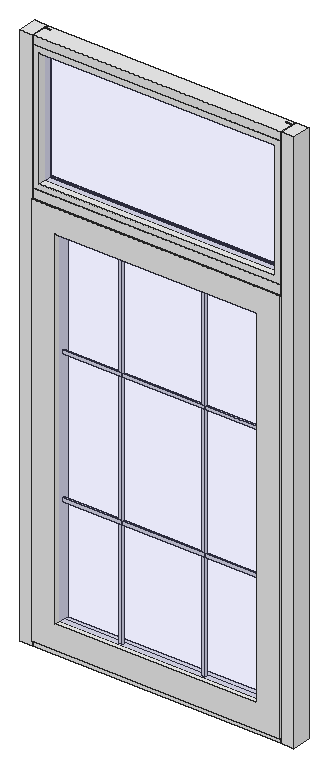
Revit family "Door_Curtain_Wall-Outswing_With_Transom-Traco-NX-8910-One_Panel", category Curtain Panels, Revit 2015
Parameters (values of type "NX-8910 - One_Panel-Transom")
  Water Resistance = 15.0000 psf
  Uniform Load Structural = 75.0000 psf
  Uniform Load Deflection = 50.0000 psf
  Transom Panel Height [instance] = Transom Height - 0' 1 1/4"  # 1' - 10 3/4"
  Transom Height [instance] = 2' - 0"
  Sill Type = Door_Frame-Outswing-Traco-(NX-8910)-Single_Panel-Transom : Optional Sill
  Product data url = "https://bimobject.com/kawneerna/product/89101"
  Product Page URL = "http://www.alcoa.com/traco/en/product.asp?cat_id=1912&prod_id=4259"
  Product Documentation Link = "http://www.alcoa.com/traco/en/cad_spec.asp?cat_id=1912&prod_id=4259&area=prod"
  Panel Width [instance] = Door Width - 0' 4 1/2"  # 3' - 7 1/2"
  Panel Material [instance] = Aluminum - Traco - Anodized - Gray
  Panel Height [instance] = Door Height - 0' 2 1/2"  # 5' - 9 1/2"
  Muntin Type = Muntin-Grid-Traco-Lites : Interior
  Glass Material [instance] = Glass - Traco - Clear
  Frame Material [instance] = Aluminum - Traco - Anodized - Gray
  Door Width [instance] = if(CTRL Opening Width < Door Width Minimum, Door Width Minimum, if(CTRL Opening Width > Door Width Maximum, Door Width Maximum, CTRL Opening Width))  # 4' - 0"
  Door Height [instance] = Overall Height - Transom Height  # 6' - 0"
  Door Base = 0' - 0 7/8"
  Copyright © = "2011 Traco"  # constant formula
  CTRL Opening Width [instance] = 5' - 10"
  URL = "http://www.alcoa.com/traco/en/home.asp"
  U Factor = "0.40*"
  Type Comments = "1 Panel With Transom"
  Test Size = "48\" X 96\""
  Overall Height [instance] = if(CTRl Opening Height < Door Height Minimum, Door Height Minimum, if(CTRl Opening Height > Door Height Maximum, Door Height Maximum, CTRl Opening Height))  # 8' - 0"
  Muntin [instance] = yes
  Model = "NX-8910"
  Manufacturer = "Traco"  # constant formula
  CTRl Opening Height [instance] = 8' - 0"
  Forced Entry Resistance = ""
  Door Width Minimum [instance] = 3' - 0"
  Door Width Maximum [instance] = 4' - 0"
  Door Swing Angle [instance] = 90.00°
  Door Height Minimum [instance] = 6' - 0"
  Door Height Maximum [instance] = 10' - 0"
  Designation = "AAMA/WDMA/CSA 101/I.S.2/A-440-05: HS-C50 And AAMA/WDMA/CSA 101/I.S.2/A-440-08:AW-PG50-ATD"
  Description = ""
  Condensation Resistance = "48"
  Assembly Code = "B2020220"
  Allowable Air Infiltration Maximum = "0.1 @ 6.2 PSF"
Reference planes (in)
  plane 1 "Front": y = 0
  plane 2: z = 0
  plane 3 "Center (Left/Right)": x = 0
  plane 4 "Left": x = -35
  plane 5 "Right": x = 35
  plane 6 "Top": z = 96
  plane 7 "Door Base": z = 0.875
  plane 8: y = 1.25
  plane 9 "Stop Front": y = 2.5
  plane 10 "Back": y = 3.25
  plane 11 "Door Left": x = -24
  plane 12 "Jamb Left": x = -21.75
  plane 13 "Jamb Right": x = 21.75
  plane 14 "Door Right": x = 24
Text (in)
  text "Exterior" at (-54.29358, -16.61257, 0), in view "Ref. Level"
  text "Exterior" at (480, 41.53993, 89.60405), in view "Right"
  text "Exterior" at (-240, 57.82419, 105.78864), in view "Left"
Dimensions and locks (in)
  equal spacing: plane 4 "Left", plane 3 "Center (Left/Right)", plane 5 "Right"
  "Door Base": plane 2 to plane 7 "Door Base"
  locked: nested 2 to nested 3 at 0.125
  "CTRL Opening Width": plane 4 "Left" to plane 5 "Right"
  "CTRl Opening Height": plane 6 "Top" to plane 2
  "Overall Height": nested 2 to plane 2
  locked: plane 1 "Front" to plane 9 "Stop Front" at 2.5
  locked: plane 1 "Front" to plane 10 "Back" at 3.25
  locked: plane 11 "Door Left" to plane 12 "Jamb Left" at 2.25
  locked: plane 13 "Jamb Right" to plane 14 "Door Right" at 2.25
  locked: plane 1 "Front" to plane 8 at 1.25
  equal spacing: plane 11 "Door Left", plane 3 "Center (Left/Right)", plane 14 "Door Right"
  aligned and locked: level to plane 2
  aligned: nested 2 to nested 1
  aligned: nested 1 to nested 2
  aligned and locked: nested 1 to plane 7 "Door Base"
  aligned: nested 3 to nested 2
  aligned and locked: nested 4 to nested 5
  aligned and locked: plane 7 "Door Base" to nested 4
  aligned and locked: nested 4 to nested 7
  aligned and locked: plane 1 "Front" to nested 2
  aligned: nested 1 to plane 12 "Jamb Left"  (x4)
  aligned and locked: plane 9 "Stop Front" to nested 1
  aligned and locked: nested 3 to plane 9 "Stop Front"
  aligned: nested 3 to plane 12 "Jamb Left"  (x3)
  aligned: plane 3 "Center (Left/Right)" to nested 3
  aligned: nested 3 to plane 13 "Jamb Right"
  aligned: nested 1 to plane 13 "Jamb Right"
  aligned and locked: plane 3 "Center (Left/Right)" to nested 3
  aligned and locked: plane 3 "Center (Left/Right)" to nested 1
Nested families (in)
  nested 1: "Door-Glass_Panel-Traco-(TR-8910)" at (14.25, 2.5, 0.875) x (-1, 0, 0) z (0, 0, 1), Width <- "Panel Width", Height <- "Panel Height", Panel Material <- "Panel Material", Glass Material <- "Glass Material", Angle <- "Door Swing Angle", type "S"
    with built-in parameter 1001301 3' - 7 1/2", built-in parameter 1001302 0' - 2 3/4", Panel Offset 0' - 0", Panel Material Aluminum - Traco - Anodized - Gray, Panel Finish none, Hidden Swing Angle 90.00°, built-in parameter 1001300 5' - 9 1/2", Glazing Thickness 0' - 1", Glazing "Low E-Argon", Glass Material Glass - Traco - Clear, Elevation Swing yes, Angle 90.00°
  nested 2: "Door_Frame-Outswing-Traco-(NX-8910)-Single_Panel-Transom" at (0, 1.625, 0), type <- "Sill Type", type "Optional Sill"
    with Standard Sill no, Optional Sill yes
  nested 3: "Door-Glass_Panel-Traco-(TR-8910)-Transom" at (0, 2.5, 71.875), Width <- "Panel Width", Height <- "Transom Panel Height", Panel Material <- "Panel Material", Glass Material <- "Glass Material", type "T"
    with built-in parameter 1001301 3' - 7 1/2", built-in parameter 1001302 0' - 2 1/2", Panel Offset 0' - 0", Panel Material Aluminum - Traco - Anodized - Gray, Panel Finish none, built-in parameter 1001300 1' - 10 3/4", Glazing "Low E-Argon", Glass Material Glass - Traco - Clear
  nested 4: "Muntin-Grid-Traco-Lites" at (0, 1.25, 35.625) x (-1, 0, 0) z (0, -1, 0), type <- "Muntin Type", Sash Height <- "Panel Height", Length <- "Panel Width", visible <- "Muntin", type "Interior"
    with Sash Height 5' - 9 1/2", Material Aluminum - Traco - Anodized - Gray, Length 3' - 7 1/2", Glazing Thickness 0' - 0 7/8", CTRL Muntin Vertical Distance 1' - 11.16667", CTRL Muntin Horizontal Distance 1' - 2 1/2", CTRL Face Offset 0' - 0 1/4", CTRL Bar Vertical Visibility no, CTRL Bar Horizontal Visibility no, CTRL Array Vertical Visibility yes, CTRL Array Horizontal Visibility yes, Has Interior Muntins yes, Has Exterior Muntins no
  nested 5: "Muntin-Trapezoid-Traco-Single" at (-7.25, 1.4375, 35.625) x (0, 0, -1) z (0, -1, 0), type "Standard Colonial"
    with Material Aluminum - Traco - Anodized - Gray, Length 5' - 9 1/2", Width Top 0' - 0 9/16", Width Base 0' - 0 9/16", Height 0' - 0 5/16"
  nested 6: "Muntin-Trapezoid-Traco-Single" at (0, 1.4375, 47.20833) x (1, 0, 0) z (0, -1, 0), type "Standard Colonial"
    with Material Aluminum - Traco - Anodized - Gray, Length 3' - 7 1/2", Width Top 0' - 0 9/16", Width Base 0' - 0 9/16", Height 0' - 0 5/16"
  nested 7: "Muntin-Trapezoid-Traco-Single" at (7.25, 1.4375, 35.625) x (0, 0, -1) z (0, -1, 0), type "Standard Colonial"
    with Material Aluminum - Traco - Anodized - Gray, Length 5' - 9 1/2", Width Top 0' - 0 9/16", Width Base 0' - 0 9/16", Height 0' - 0 5/16"
  nested 8: "Muntin-Trapezoid-Traco-Single" at (0, 1.4375, 24.04167) x (1, 0, 0) z (0, -1, 0), type "Standard Colonial"
    with Material Aluminum - Traco - Anodized - Gray, Length 3' - 7 1/2", Width Top 0' - 0 9/16", Width Base 0' - 0 9/16", Height 0' - 0 5/16"
Definition of nested family "Door-Glass_Panel-Traco-(TR-8910)"
  Parameters
    Width [instance] = 3' - 0"
    Visible Light Transmission = 0
    URL = "www.integratedcontentsolutions.com"
    U Value = 0
    Type Comments = "Panel theory and model developed by Integrated Content Solutions"  # constant formula
    Thickness [instance] = 0' - 2 3/4"
    Stile Right = 0' - 4 1/8"
    Stile Left = 0' - 4 1/8"
    Solar Heat Gain Coefficient = 0
    Rail Head = 0' - 4 1/8"
    Rail Bottom = 0' - 4 1/8"
    R Value = 0
    Product Documentation Link = "www.integratedcontentsolutions.com"
    Panel Offset [instance] = 0' - 4 1/4"
    Panel Material [instance] = none
    Panel Finish [instance] = none
    Manufacturer = "Integrated Content Solutions"  # constant formula
    LEED Credit = ""
    Hidden Swing Angle [instance] = 90.00°
    Height [instance] = 7' - 0"
    Glazing Thickness [instance] = 0' - 1"
    Glazing [instance] = "Low E-Argon"
    Glass Material [instance] = none
    Function = 1
    Energy Star Zone = ""
    Elevation Swing [instance] = yes
    Copyright © = "Integrated Content Solutions © 2009"  # constant formula
    Assembly Code = "C1020110"
    Appear In Schedule = 0 = 1  # no
    Angle [instance] = 90.00°
    Air Leakage = 0
  Reference planes (in)
    plane 1 "Exterior": y = 0
    plane 2 "Bottom": z = 0
    plane 3 "Strike": x = 0
    plane 4 "Interior": y = -2.75
    plane 5 "Hinge": x = 36
    plane 6 "Top": z = 84
    plane 7 "Panel Center of Thickness": y = -1.375
    plane 8 "Panel Left": x = 4.125
    plane 9 "Panel Right": x = 31.875
    plane 10 "Panel Top": z = 79.875
    plane 11 "Panel Bottom": z = 4.125
    plane 12 "Glass Exterior": y = -0.875
    plane 13 "Glass Interior": y = -1.875
    plane 14 "Center L_R": x = 18
  Forms (in)
    Extrusion 1, solid, material <- "Panel Material"
      sketch origin (0, 0, 0) x (1, 0, 0) y (0, 0, 1)
        loop
          line (0, 84) -> (0, 0) -> (36, 0) -> (36, 84) -> (0, 84)
        loop
          line (4.125, 79.875) -> (4.125, 4.125) -> (31.875, 4.125) -> (31.875, 79.875) -> (4.125, 79.875)
      from 0 to 2.75
    Extrusion 2, solid, material <- "Glass Material"
      sketch origin (0, 0, 0) x (1, 0, 0) y (0, 0, -1)
        loop
          line (4.125, -79.875) -> (31.875, -79.875) -> (31.875, -4.125) -> (4.125, -4.125) -> (4.125, -79.875)
      from -1.875 to -0.875
  Lines and regions (in)
    Masking region 1
      outline origin (0, -1.375, 0) x (-1, 0, 0) y (0, 0, 1)
        loop
          line (0, 0) -> (0, 84) -> (-36, 84) -> (-36, 0) -> (0, 0)
        loop
          line (-4.125, 4.125) -> (-4.125, 79.875) -> (-31.875, 79.875) -> (-31.875, 4.125) -> (-4.125, 4.125)
    symbolic lines
      curve 1: line (4.125, -1.375, 4.125) -> (31.875, -1.375, 4.125)
      curve 2: line (4.125, -1.375, 79.875) -> (4.125, -1.375, 4.125)
      curve 3: line (31.875, -1.375, 79.875) -> (4.125, -1.375, 79.875)
      curve 4: line (31.875, -1.375, 4.125) -> (31.875, -1.375, 79.875)
  Dimensions and locks (in)
    "Width": plane 3 "Strike" to plane 5 "Hinge"
    "Thickness": plane 4 "Interior" to plane 1 "Exterior"
    "Height": plane 6 "Top" to plane 2 "Bottom"
    equal spacing: plane 4 "Interior", plane 7 "Panel Center of Thickness", plane 1 "Exterior"
    "Stile Left": plane 8 "Panel Left" to plane 3 "Strike"
    "Stile Right": plane 5 "Hinge" to plane 9 "Panel Right"
    "Rail Bottom": plane 11 "Panel Bottom" to plane 2 "Bottom"
    "Rail Head": plane 6 "Top" to plane 10 "Panel Top"
    equal spacing: plane 13 "Glass Interior", plane 7 "Panel Center of Thickness", plane 12 "Glass Exterior"
    "Glazing Thickness": plane 13 "Glass Interior" to plane 12 "Glass Exterior"
    equal spacing: plane 5 "Hinge", plane 14 "Center L_R", plane 3 "Strike"
    aligned and locked: plane 3 "Strike" to Extrusion 1 sketch curve
    aligned and locked: Extrusion 1 sketch curve to plane 6 "Top"
    aligned and locked: level to Extrusion 1 sketch curve
    aligned and locked: Extrusion 1 sketch curve to plane 5 "Hinge"
    aligned and locked: Extrusion 1 to plane 1 "Exterior"
    aligned and locked: plane 4 "Interior" to Extrusion 1
    aligned and locked: level to plane 2 "Bottom"
    aligned and locked: plane 8 "Panel Left" to Extrusion 1 sketch curve
    aligned and locked: Extrusion 1 sketch curve to plane 10 "Panel Top"
    aligned and locked: plane 11 "Panel Bottom" to Extrusion 1 sketch curve
    aligned and locked: Extrusion 1 sketch curve to plane 9 "Panel Right"
    aligned and locked: Extrusion 2 to plane 13 "Glass Interior"
    aligned and locked: plane 12 "Glass Exterior" to Extrusion 2
    aligned and locked: plane 6 "Top" to Masking region 1 sketch curve
    aligned and locked: Masking region 1 sketch curve to plane 3 "Strike"
    aligned and locked: plane 5 "Hinge" to Masking region 1 sketch curve
    aligned and locked: Masking region 1 sketch curve to plane 2 "Bottom"
    aligned and locked: curve 2 to plane 8 "Panel Left"
    aligned and locked: plane 10 "Panel Top" to curve 3
    aligned and locked: plane 9 "Panel Right" to curve 4
    aligned and locked: curve 1 to plane 11 "Panel Bottom"
    aligned and locked: plane 4 "Interior" to nested 1
    aligned and locked: Extrusion 2 to plane 8 "Panel Left"
    aligned and locked: plane 9 "Panel Right" to Extrusion 2
    aligned and locked: plane 10 "Panel Top" to Masking region 1 sketch curve
    aligned and locked: Masking region 1 sketch curve to plane 8 "Panel Left"
    aligned and locked: plane 9 "Panel Right" to Masking region 1 sketch curve
    aligned and locked: Masking region 1 sketch curve to plane 11 "Panel Bottom"
    aligned and locked: Extrusion 2 sketch curve to plane 10 "Panel Top"
    aligned and locked: Extrusion 2 sketch curve to plane 9 "Panel Right"
    aligned and locked: plane 8 "Panel Left" to Extrusion 2 sketch curve
    aligned and locked: plane 11 "Panel Bottom" to Extrusion 2 sketch curve
  Nested families (in)
    nested 1: "Plan Swing" at (0, -2.75, 0), Width <- "Width", Thickness <- "Thickness", Height <- "Height", Angle <- "Angle", Elevation Swing Visibility <- "Elevation Swing", Hidden Swing Angle <- "Hidden Swing Angle", type "Plan Swing"
      with Width 3' - 0", Thickness 0' - 2 3/4", Slide Indicator Visbility no, Plan Swing Visibility yes, Hidden Swing Visibility no, Hidden Swing Angle 90.00°, Hidden Angle CTRL 90.00°, Height 7' - 0", Elevation Swing Visibility yes, Closed Panel Visaibilty no, Angle CTRL 90.00°, Angle 90.00°
  Definition of nested family "Plan Swing"
    Parameters
      Width [instance] = 3' - 0"
      URL = "www.integratedcontentsolutions.com"
      Type Comments = "Swing graphics developed by Integrated Content Solutions"  # constant formula
      Thickness [instance] = 0' - 2"
      Slide Indicator Visbility [instance] = no
      Plan Swing Visibility [instance] = Angle > 0.00°  # yes
      Manufacturer = "Integrated Content Solutions"  # constant formula
      Hidden Swing Visibility [instance] = yes
      Hidden Swing Angle [instance] = 90.00°
      Hidden Angle CTRL [instance] = if(Hidden Swing Angle < 5.00°, 5.00°, if(Hidden Swing Angle > 175.00°, 175.00°, Hidden Swing Angle))  # 90.00°
      Height [instance] = 7' - 0"
      Elevation Swing Visibility [instance] = yes
      Copyright © = "Integrated Content Solutions © 2009"  # constant formula
      Closed Panel Visaibilty [instance] = Angle = 0.00°  # no
      Assembly Code = ""
      Angle CTRL [instance] = if(Angle < 5.00°, 5.00°, if(Angle > 175.00°, 175.00°, Angle))  # 45.00°
      Angle [instance] = 45.00°
    Reference planes (in)
      plane 1 "Exterior": y = 0
      plane 2 "Bottom": z = 0
      plane 3 "Strike": x = 0
      plane 4 "Hinge": x = 36
      plane 5 "Top": z = 84
      plane 6 "Interior": y = -2
    Lines and regions (in)
      model lines
        curve 1: line (0, 0, 0) -> (0, -2, 0)
        curve 2: line (36, -2, 0) -> (36, 0, 0)
      symbolic lines, visible <- "Plan Swing Visibility"
        curve 3: line (36, 0, 0) -> (10.54416, 25.45584, 0)
        curve 4: line (10.54416, 25.45584, 0) -> (9.12994, 24.04163, 0)
        curve 5: line (9.12994, 24.04163, 0) -> (34.58579, -1.41421, 0)
        curve 6: line (34.58579, -1.41421, 0) -> (36, 0, 0)
        curve 13: arc (10.54416, 25.45584, 0) -> (2.74034, 13.7766, 0) -> (0, 0, 0) r 36
      symbolic lines, visible <- "Elevation Swing Visibility"
        curve 7: line (0, -2, 84) -> (36, -2, 42)
        curve 8: line (36, -2, 42) -> (0, -2, 0)
      symbolic lines, visible <- "Hidden Swing Visibility"
        curve 9: line (36, 0, 0) -> (36, 36, 0)
        curve 10: line (36, 36, 0) -> (34, 36, 0)
        curve 11: line (34, 36, 0) -> (34, 0, 0)
        curve 12: line (34, 0, 0) -> (36, 0, 0)
        curve 18: arc (0, 0, 0) -> (10.54416, 25.45584, 0) -> (36, 36, 0) r 36
      symbolic lines, visible <- "Closed Panel Visaibilty"
        curve 14: line (0, 0, 0) -> (36, 0, 0)
        curve 15: line (0, -2, 0) -> (0, 0, 0)
        curve 16: line (36, -2, 0) -> (0, -2, 0)
        curve 17: line (36, 0, 0) -> (36, -2, 0)
      symbolic lines, visible <- "Slide Indicator Visbility"
        curve 19: line (18, -2, 42.16893) -> (15.87868, -2, 44.29025)
        curve 20: line (18, -2, 42.16893) -> (15.87868, -2, 40.04761)
        curve 21: line (18, -2, 42.16893) -> (9, -2, 42.16893)
    Dimensions and locks (in)
      "Width": plane 3 "Strike" to plane 4 "Hinge"
      "Height": plane 5 "Top" to plane 2 "Bottom"
      equal spacing: plane 5 "Top", curve 8, plane 2 "Bottom"
      "Thickness": plane 6 "Interior" to plane 1 "Exterior"
      "Thickness": curve 3 to curve 5
      "Width": curve 6 to curve 4
      "Width": curve 9 to curve 9
      "Thickness": curve 9 to curve 11
      locked: curve 21 to curve 21 at 9
      equal spacing: plane 4 "Hinge", curve 21, plane 3 "Strike"
      locked: curve 3 to curve 6 (angle 90.00°)
      locked: curve 5 to curve 6 (angle 90.00°)
      locked: curve 4 to curve 3 (angle 90.00°)
      locked: curve 9 to curve 12 (angle 90.00°)
      locked: curve 11 to curve 12 (angle 90.00°)
      locked: curve 10 to curve 9 (angle 90.00°)
      "Hidden Angle CTRL": angle curve 9 to plane 1 "Exterior"
      "Angle CTRL": angle curve 3 to plane 1 "Exterior"
      aligned and locked: plane 2 "Bottom" to level
      aligned and locked: plane 1 "Exterior" to curve 2
      aligned and locked: plane 4 "Hinge" to curve 2
      aligned and locked: plane 6 "Interior" to curve 1
      aligned and locked: plane 6 "Interior" to curve 2
      aligned and locked: plane 4 "Hinge" to curve 9
      aligned and locked: curve 1 to plane 3 "Strike"
      aligned and locked: plane 3 "Strike" to curve 15
      aligned and locked: plane 1 "Exterior" to curve 14
    Automatic sketch dimensions
      curve 8 to level = 0' - 0"
      curve 8 to plane 3 "Strike" = 0' - 0"
      curve 7 to plane 3 "Strike" = 0' - 0"
      curve 7 to plane 4 "Hinge" = 0' - 0"
      curve 7 to plane 5 "Top" = 0' - 0"
      curve 19 to curve 20 = 0' - 0"
      curve 20 to curve 20 = 0' - 2.12132"
      curve 20 to curve 7 = 0' - 1.95239"
      curve 20 to curve 19 = 0' - 2.12132"
Definition of nested family "Door_Frame-Outswing-Traco-(NX-8910)-Single_Panel-Transom"
  Parameters
    Transom Height = 2' - 0"
    Standard Sill = yes
    Optional Sill = not(Standard Sill)  # no
    Jamb Thickness = 0' - 2 1/4"
    Head Thickness = 0' - 1 3/4"
    Frame Material = none
    Frame Depth = 0' - 3 1/4"
    Door Width = 4' - 0"
    Door Height = 6' - 0"
    Assembly Code = ""
  Reference planes (in)
    plane 1 "Center (Front/Back)": y = 0
    plane 2 "Bottom": z = 0
    plane 3 "Center (Left/Right)": x = 0
    plane 4 "Exterior": y = 1.625
    plane 5 "Inferior": y = -1.625
    plane 6 "Left": x = -24
    plane 7 "Right": x = 24
    plane 8 "Top of Frame": z = 72
    plane 9 "Inside Frame Left Side": x = -21.75
    plane 10 "Inside Frame Right Side": x = 21.75
    plane 11 "Frame Top Inset": z = 70.25
    plane 12 "Panel Bottom": z = 1.5
    plane 13 "Top": z = 96
    plane 14 "Top Inset": z = 94.5
    plane 15 "Transom Bottom": z = 85.125
    plane 16 "Left Inset": x = -20.625
    plane 17 "Right Inset": x = 20.625
    plane 18 "Panel Bottom Inset": z = 2.4375
    plane 19 "Panel Top": z = 69.125
    plane 20 "Tab Back": y = 1
    plane 21 "Tab Front": y = 0.875
    plane 22 "Lower Bulge": z = 0.875
    plane 23 "Transom Top Inset": z = 93.375
    plane 24 "Transom Bottom Inset": z = 73.125
  Forms (in)
    Extrusion 1, solid, material <- "Frame Material", visible <- "Standard Sill"
      sketch origin (0, 0, 0) x (0, 1, 0) y (0, 0, 1)
        loop
          line (1.625, 0) -> (1.625, 2) -> (0.875, 2.4375) -> (0.875, 1.5) -> (-1.625, 1.5) -> (-1.625, 0) -> (1.625, 0)
      from -21.75 to 21.75
    Extrusion 2, solid, material <- "Frame Material"
      sketch origin (0, 0, 0) x (0, 1, 0) y (0, 0, 1)
        loop
          line (-1.625, 72) -> (-1.625, 70.25) -> (0.875, 70.25) -> (0.875, 69.125) -> (1, 69.125) -> (1, 70.25) -> (1.625, 70.25) -> (1.625, 72) -> (1, 72) -> (1, 73.125) -> (0.875, 73.125) -> (0.875, 72) -> (-1.625, 72)
      from -21.75 to 21.75
    Extrusion 3, solid, material <- "Frame Material"
      sketch origin (0, 0, 0) x (1, 0, 0) y (0, 1, 0)
        loop
          line (-24, -1.625) -> (-21.75, -1.625) -> (-21.75, 0.875) -> (-20.625, 0.875) -> (-20.625, 1) -> (-21.75, 1) -> (-21.75, 1.625) -> (-24, 1.625) -> (-24, -1.625)
        loop
          line (21.75, -1.625) -> (24, -1.625) -> (24, 1.625) -> (21.75, 1.625) -> (21.75, 1) -> (20.625, 1) -> (20.625, 0.875) -> (21.75, 0.875) -> (21.75, -1.625)
      from 0 to 96
    Extrusion 4, solid, material <- "Frame Material", visible <- "Optional Sill"
      sketch origin (0, 0, 0) x (0, 1, 0) y (0, 0, 1)
        loop
          line (-1.625, 0.875) -> (-1.625, 0) -> (1.625, 0) -> (1.625, 0.875) -> (0.875, 1.125) -> (0.875, 0.875) -> (-1.625, 0.875)
      from -21.75 to 21.75
    Extrusion 5, solid, material <- "Frame Material"
      sketch origin (0, 0, 0) x (0, 1, 0) y (0, 0, 1)
        loop
          line (-1.625, 96) -> (-1.625, 94.5) -> (0.875, 94.5) -> (0.875, 93.375) -> (1, 93.375) -> (1, 94.5) -> (1.625, 94.5) -> (1.625, 96) -> (-1.625, 96)
      from -21.75 to 21.75
  Lines and regions (in)
    Masking region 1
      outline origin (0, 0, 96) x (-1, 0, 0) y (0, -1, 0)
        loop
          line (24, 1.625) -> (-24, 1.625) -> (-24, -1.625) -> (24, -1.625) -> (24, 1.625)
    Masking region 2
      outline origin (0, 0, 0) x (0, 1, 0) y (0, 0, 1)
        loop
          line (-1.625, 0) -> (1.625, 0) -> (1.625, 96) -> (-1.625, 96) -> (-1.625, 0)
    Masking region 3
      outline origin (0, 1.625, 0) x (-1, 0, 0) y (0, 0, 1)
        loop
          line (24, 96) -> (-24, 96) -> (-24, 0) -> (24, 0) -> (24, 96)
        loop
          line (20.625, 73.125) -> (20.625, 93.375) -> (-20.625, 93.375) -> (-20.625, 73.125) -> (20.625, 73.125)
        loop
          line (20.625, 69.125) -> (-20.625, 69.125) -> (-20.625, 2.4375) -> (20.625, 2.4375) -> (20.625, 69.125)
    symbolic lines, detail levels medium+fine
      curve 1: line (-21.75, -1.625, 0) -> (-21.75, 0.875, 0)
      curve 2: line (-21.75, 0.875, 0) -> (-20.625, 0.875, 0)
      curve 3: line (-20.625, 0.875, 0) -> (-20.625, 1, 0)
      curve 4: line (-20.625, 1, 0) -> (-21.75, 1, 0)
      curve 5: line (-21.75, 1, 0) -> (-21.75, 1.625, 0)
      curve 6: line (21.75, -1.625, 96) -> (21.75, 0.875, 96)
      curve 7: line (21.75, 0.875, 96) -> (20.625, 0.875, 96)
      curve 8: line (20.625, 0.875, 96) -> (20.625, 1, 96)
      curve 9: line (20.625, 1, 96) -> (21.75, 1, 96)
      curve 10: line (21.75, 1, 96) -> (21.75, 1.625, 96)
    symbolic lines
      curve 11: line (-21.75, -1.625, 94.5) -> (21.75, -1.625, 94.5)
      curve 12: line (-20.625, -1.625, 96) -> (-20.625, -1.625, 94.5)
      curve 13: line (21.75, -1.625, 0) -> (21.75, -1.625, 96)
      curve 14: line (20.625, -1.625, 96) -> (20.625, -1.625, 94.5)
      curve 15: line (-21.75, -1.625, 96) -> (-21.75, -1.625, 0)
      curve 16: line (-21.75, -1.625, 0.875) -> (21.75, -1.625, 0.875)
      curve 17: line (20.625, -1.625, 1.5) -> (20.625, -1.625, 2.4375)
      curve 18: line (21.75, -1.625, 1.5) -> (-21.75, -1.625, 1.5)
      curve 19: line (-21.75, -1.625, 2.4375) -> (-20.625, -1.625, 2.4375)
      curve 20: line (-20.625, -1.625, 2.4375) -> (-20.625, -1.625, 1.5)
      curve 21: line (20.625, -1.625, 2.4375) -> (21.75, -1.625, 2.4375)
      curve 22: line (-21.75, -1.625, 85.125) -> (-20.625, -1.625, 85.125)
      curve 23: line (-20.625, -1.625, 85.125) -> (-20.625, -1.625, 72)
      curve 24: line (-21.75, -1.625, 72) -> (21.75, -1.625, 72)
      curve 25: line (20.625, -1.625, 85.125) -> (21.75, -1.625, 85.125)
      curve 26: line (20.625, -1.625, 85.125) -> (20.625, -1.625, 72)
      curve 27: line (-21.75, -1.625, 70.25) -> (21.75, -1.625, 70.25)
      curve 28: line (20.625, -1.625, 69.125) -> (20.625, -1.625, 70.25)
      curve 29: line (20.625, -1.625, 69.125) -> (21.75, -1.625, 69.125)
      curve 30: line (-21.75, -1.625, 69.125) -> (-20.625, -1.625, 69.125)
      curve 31: line (-20.625, -1.625, 69.125) -> (-20.625, -1.625, 70.125)
      curve 32: line (-21.75, 1.625, 94.5) -> (21.75, 1.625, 94.5)
      curve 33: line (-20.625, 1.625, 96) -> (-20.625, 1.625, 94.5)
      curve 34: line (-21.75, 1.625, 96) -> (-21.75, 1.625, 0)
      curve 35: line (21.75, 1.625, 0) -> (21.75, 1.625, 96)
      curve 36: line (20.625, 1.625, 94.5) -> (20.625, 1.625, 96)
      curve 37: line (-21.75, 1.625, 85.125) -> (-20.625, 1.625, 85.125)
      curve 38: line (-21.75, 1.625, 72) -> (21.75, 1.625, 72)
      curve 39: line (20.625, 1.625, 72) -> (20.625, 1.625, 85.125)
      curve 40: line (20.625, 1.625, 85.125) -> (21.75, 1.625, 85.125)
      curve 41: line (-21.75, 1.625, 70.25) -> (21.75, 1.625, 70.25)
      curve 42: line (20.625, 1.625, 70.25) -> (20.625, 1.625, 69.125)
      curve 43: line (21.75, 1.625, 69.125) -> (20.625, 1.625, 69.125)
      curve 44: line (-21.75, 1.625, 69.125) -> (-20.625, 1.625, 69.125)
      curve 45: line (-20.625, 1.625, 70.25) -> (-20.625, 1.625, 69.125)
      curve 46: line (-20.625, 1.625, 72) -> (-20.625, 1.625, 85.125)
      curve 47: line (-21.75, 1.625, 2.4375) -> (-20.625, 1.625, 2.4375)
      curve 48: line (-20.625, 1.625, 2.4375) -> (-20.625, 1.625, 1.5)
      curve 49: line (-21.75, 1.625, 1.5) -> (21.75, 1.625, 1.5)
      curve 50: line (20.625, 1.625, 2.4375) -> (21.75, 1.625, 2.4375)
      curve 51: line (20.625, 1.625, 2.4375) -> (20.625, 1.625, 1.5)
      curve 52: line (21.75, 1.625, 0.875) -> (-21.75, 1.625, 0.875)
  Dimensions and locks (in)
    equal spacing: plane 4 "Exterior", plane 1 "Center (Front/Back)", plane 5 "Inferior"
    "Frame Depth": plane 4 "Exterior" to plane 5 "Inferior"
    equal spacing: plane 6 "Left", plane 3 "Center (Left/Right)", plane 7 "Right"
    "Door Width": plane 6 "Left" to plane 7 "Right"
    "Head Thickness": plane 8 "Top of Frame" to plane 11 "Frame Top Inset"
    "Jamb Thickness": plane 7 "Right" to plane 10 "Inside Frame Right Side"
    "Jamb Thickness": plane 6 "Left" to plane 9 "Inside Frame Left Side"
    "Door Height": plane 8 "Top of Frame" to plane 2 "Bottom"
    plane 12 "Panel Bottom" to plane 2 "Bottom" = 0' - 1 1/2"
    "Transom Height": plane 13 "Top" to plane 8 "Top of Frame"
    locked: plane 13 "Top" to plane 14 "Top Inset" at 1.5
    locked: Extrusion 2 sketch curve to Extrusion 2 sketch curve at 1.125
    locked: plane 9 "Inside Frame Left Side" to plane 16 "Left Inset" at 1.125
    locked: plane 17 "Right Inset" to plane 10 "Inside Frame Right Side" at 1.125
    locked: plane 18 "Panel Bottom Inset" to plane 12 "Panel Bottom" at 0.9375
    locked: plane 11 "Frame Top Inset" to plane 19 "Panel Top" at 1.125
    locked: plane 4 "Exterior" to plane 21 "Tab Front" at 0.75
    locked: plane 20 "Tab Back" to plane 21 "Tab Front" at 0.125
    locked: plane 12 "Panel Bottom" to plane 22 "Lower Bulge" at 0.625
    locked: plane 14 "Top Inset" to plane 23 "Transom Top Inset" at 1.125
    locked: plane 24 "Transom Bottom Inset" to plane 8 "Top of Frame" at 1.125
    aligned and locked: plane 2 "Bottom" to level
    aligned and locked: plane 9 "Inside Frame Left Side" to Extrusion 1
    aligned and locked: Extrusion 1 to plane 10 "Inside Frame Right Side"
    aligned and locked: plane 9 "Inside Frame Left Side" to Extrusion 2
    aligned and locked: Extrusion 2 to plane 10 "Inside Frame Right Side"
    aligned: plane 8 "Top of Frame" to Extrusion 3
    aligned and locked: Extrusion 4 to plane 10 "Inside Frame Right Side"
    aligned and locked: plane 9 "Inside Frame Left Side" to Extrusion 4
    aligned and locked: plane 13 "Top" to Extrusion 3
    aligned and locked: Extrusion 5 to plane 10 "Inside Frame Right Side"
    aligned and locked: plane 9 "Inside Frame Left Side" to Extrusion 5
    aligned and locked: plane 4 "Exterior" to Extrusion 1 sketch curve
    aligned and locked: plane 5 "Inferior" to Extrusion 1 sketch curve
    aligned and locked: plane 12 "Panel Bottom" to Extrusion 1 sketch curve
    aligned and locked: Extrusion 1 sketch curve to plane 2 "Bottom"
    aligned and locked: plane 4 "Exterior" to Extrusion 4 sketch curve
    aligned and locked: plane 5 "Inferior" to Extrusion 4 sketch curve
    aligned and locked: Extrusion 4 sketch curve to level
    aligned and locked: plane 6 "Left" to Extrusion 3 sketch curve
    aligned and locked: plane 7 "Right" to Extrusion 3 sketch curve
    aligned and locked: plane 4 "Exterior" to Extrusion 3 sketch curve  (x2)
    aligned and locked: plane 5 "Inferior" to Extrusion 3 sketch curve  (x2)
    aligned and locked: Extrusion 3 sketch curve to plane 9 "Inside Frame Left Side"  (x2)
    aligned and locked: plane 10 "Inside Frame Right Side" to Extrusion 3 sketch curve  (x2)
    aligned and locked: Extrusion 2 sketch curve to plane 11 "Frame Top Inset"  (x2)
    aligned and locked: plane 8 "Top of Frame" to Extrusion 2 sketch curve  (x2)
    aligned and locked: plane 5 "Inferior" to Extrusion 2 sketch curve
    aligned and locked: plane 4 "Exterior" to Extrusion 2 sketch curve
    aligned and locked: plane 13 "Top" to Extrusion 5 sketch curve
    aligned and locked: Extrusion 5 sketch curve to plane 14 "Top Inset"  (x2)
    aligned and locked: Extrusion 5 sketch curve to Extrusion 3
    aligned and locked: plane 5 "Inferior" to Extrusion 5 sketch curve
    aligned and locked: plane 4 "Exterior" to Masking region 1 sketch curve
    aligned and locked: plane 6 "Left" to Masking region 1 sketch curve
    aligned and locked: plane 7 "Right" to Masking region 1 sketch curve
    aligned and locked: plane 5 "Inferior" to Masking region 1 sketch curve
    aligned and locked: Masking region 2 sketch curve to plane 2 "Bottom"
    aligned and locked: plane 4 "Exterior" to Masking region 2 sketch curve
    aligned and locked: Masking region 2 sketch curve to plane 5 "Inferior"
    aligned and locked: plane 13 "Top" to Masking region 2 sketch curve
    aligned and locked: plane 10 "Inside Frame Right Side" to Extrusion 3  (x2)
    aligned and locked: Extrusion 3 to plane 9 "Inside Frame Left Side"  (x2)
    aligned and locked: Extrusion 3 to plane 21 "Tab Front"  (x2)
    aligned and locked: Extrusion 3 to plane 16 "Left Inset"
    aligned and locked: plane 20 "Tab Back" to Extrusion 3  (x2)
    aligned and locked: curve 6 to plane 10 "Inside Frame Right Side"
    aligned and locked: curve 10 to plane 10 "Inside Frame Right Side"
    aligned and locked: plane 17 "Right Inset" to Extrusion 3
    aligned and locked: curve 1 to plane 9 "Inside Frame Left Side"
    aligned and locked: curve 2 to plane 21 "Tab Front"
    aligned and locked: curve 3 to plane 16 "Left Inset"
    aligned and locked: plane 20 "Tab Back" to curve 4
    aligned and locked: curve 5 to plane 9 "Inside Frame Left Side"
    aligned and locked: plane 21 "Tab Front" to curve 7
    aligned and locked: curve 8 to plane 17 "Right Inset"
    aligned and locked: curve 9 to plane 20 "Tab Back"
    aligned and locked: plane 10 "Inside Frame Right Side" to Extrusion 1
    aligned and locked: Extrusion 5 to plane 14 "Top Inset"
    aligned and locked: curve 13 to plane 10 "Inside Frame Right Side"
    aligned and locked: curve 14 to plane 17 "Right Inset"
    aligned and locked: curve 12 to plane 16 "Left Inset"
    aligned and locked: plane 9 "Inside Frame Left Side" to curve 15
    aligned and locked: curve 22 to plane 15 "Transom Bottom"
    aligned and locked: plane 16 "Left Inset" to curve 23
    aligned and locked: plane 8 "Top of Frame" to Extrusion 2  (x2)
    aligned and locked: curve 30 to plane 19 "Panel Top"
    aligned and locked: curve 31 to plane 16 "Left Inset"
    aligned and locked: Extrusion 2 to plane 11 "Frame Top Inset"
    aligned and locked: curve 29 to plane 19 "Panel Top"
    aligned and locked: curve 28 to plane 17 "Right Inset"
    aligned and locked: plane 17 "Right Inset" to curve 26
    aligned and locked: curve 25 to plane 15 "Transom Bottom"
    aligned and locked: curve 21 to plane 18 "Panel Bottom Inset"
    aligned and locked: curve 17 to plane 17 "Right Inset"
    aligned and locked: plane 12 "Panel Bottom" to Extrusion 1
    aligned and locked: plane 22 "Lower Bulge" to Extrusion 4
    aligned and locked: curve 24 to plane 8 "Top of Frame"
    aligned and locked: curve 27 to plane 11 "Frame Top Inset"
    aligned and locked: plane 12 "Panel Bottom" to curve 18
    aligned and locked: curve 16 to plane 22 "Lower Bulge"
    aligned and locked: curve 35 to plane 10 "Inside Frame Right Side"
    aligned and locked: curve 32 to plane 14 "Top Inset"
    aligned and locked: plane 17 "Right Inset" to curve 36
    aligned and locked: curve 33 to plane 16 "Left Inset"
    aligned and locked: plane 9 "Inside Frame Left Side" to curve 34
    aligned and locked: curve 37 to plane 15 "Transom Bottom"
    aligned and locked: curve 46 to plane 16 "Left Inset"
    aligned and locked: curve 41 to plane 11 "Frame Top Inset"
    aligned and locked: plane 16 "Left Inset" to curve 45
    aligned and locked: curve 44 to plane 19 "Panel Top"
    aligned and locked: plane 19 "Panel Top" to curve 43
    aligned and locked: plane 17 "Right Inset" to curve 42
    aligned and locked: curve 40 to plane 15 "Transom Bottom"
    aligned and locked: curve 39 to plane 17 "Right Inset"
    aligned and locked: curve 50 to plane 18 "Panel Bottom Inset"
    aligned and locked: plane 17 "Right Inset" to curve 51
    aligned and locked: curve 49 to plane 12 "Panel Bottom"
    aligned and locked: plane 22 "Lower Bulge" to curve 52
    aligned and locked: curve 38 to plane 8 "Top of Frame"
    aligned and locked: curve 47 to plane 18 "Panel Bottom Inset"
    aligned and locked: plane 16 "Left Inset" to curve 48
    aligned and locked: curve 11 to plane 14 "Top Inset"
    aligned and locked: plane 13 "Top" to curve 15
    aligned and locked: plane 13 "Top" to curve 13
    aligned and locked: plane 14 "Top Inset" to curve 12
    aligned and locked: plane 14 "Top Inset" to curve 33
    aligned and locked: Masking region 3 sketch curve to plane 7 "Right"
    aligned and locked: Masking region 3 sketch curve to plane 6 "Left"
    aligned and locked: plane 2 "Bottom" to Masking region 3 sketch curve
    aligned and locked: Masking region 3 sketch curve to plane 13 "Top"
    aligned and locked: plane 23 "Transom Top Inset" to Masking region 3 sketch curve
    aligned and locked: Masking region 3 sketch curve to plane 24 "Transom Bottom Inset"
    aligned and locked: Masking region 3 sketch curve to plane 17 "Right Inset"
    aligned and locked: plane 16 "Left Inset" to Masking region 3 sketch curve
    aligned and locked: Masking region 3 sketch curve to plane 19 "Panel Top"
    aligned and locked: Masking region 3 sketch curve to plane 16 "Left Inset"
    aligned and locked: plane 17 "Right Inset" to Masking region 3 sketch curve
    aligned and locked: plane 18 "Panel Bottom Inset" to Masking region 3 sketch curve
    aligned and locked: plane 13 "Top" to curve 12
    aligned and locked: plane 13 "Top" to curve 33
    aligned and locked: plane 13 "Top" to curve 14
    aligned and locked: plane 13 "Top" to curve 36
  Automatic sketch dimensions
    Extrusion 1 sketch curve to plane 4 "Exterior" = 0' - 0 3/4"
    plane 12 "Panel Bottom" to Extrusion 1 sketch curve = 0' - 0 1/2"
    Extrusion 1 sketch curve to Extrusion 1 sketch curve = 0' - 0 7/16"
    Extrusion 4 sketch curve to plane 4 "Exterior" = 0' - 0 3/4"
    Extrusion 4 sketch curve to plane 12 "Panel Bottom" = 0' - 0 5/8"  (x2)
    Extrusion 4 sketch curve to Extrusion 4 sketch curve = 0' - 0 1/4"
    Extrusion 2 sketch curve to plane 4 "Exterior" = 0' - 0 3/4"  (x2)
    Extrusion 2 sketch curve to Extrusion 2 sketch curve = 0' - 0 1/8"  (x2)
    plane 8 "Top of Frame" to Extrusion 2 sketch curve = 0' - 1 1/8"
    Extrusion 3 sketch curve to plane 9 "Inside Frame Left Side" = 0' - 1 1/8"
    Extrusion 3 sketch curve to Extrusion 3 sketch curve = 0' - 1 1/8"
    Extrusion 3 sketch curve to plane 4 "Exterior" = 0' - 0 3/4"  (x2)
    Extrusion 3 sketch curve to Extrusion 3 sketch curve = 0' - 0 1/8"  (x2)
    Extrusion 5 sketch curve to plane 4 "Exterior" = 0' - 0 3/4"
    Extrusion 5 sketch curve to Extrusion 5 sketch curve = 0' - 0 1/8"
    Extrusion 5 sketch curve to Extrusion 5 sketch curve = 0' - 1 1/8"
    plane 5 "Inferior" to curve 1 = 0' - 0"
    curve 5 to plane 4 "Exterior" = 0' - 0"
    curve 10 to plane 4 "Exterior" = 0' - 0"
    plane 5 "Inferior" to curve 6 = 0' - 0"
    plane 16 "Left Inset" to curve 19 = 0' - 0"
    curve 13 to level = 0' - 0"
    curve 15 to level = 0' - 0"
    curve 20 to plane 18 "Panel Bottom Inset" = 0' - 0"
    curve 31 to plane 11 "Frame Top Inset" = 0' - 0 1/8"
    curve 35 to level = 0' - 0"
    curve 34 to level = 0' - 0"
    curve 34 to plane 13 "Top" = 0' - 0"
    curve 35 to plane 13 "Top" = 0' - 0"
Definition of nested family "Door-Glass_Panel-Traco-(TR-8910)-Transom"
  Parameters
    Width [instance] = 6' - 0"
    Visible Light Transmission = 0
    URL = "www.integratedcontentsolutions.com"
    U Value = 0
    Type Comments = "Panel theory and model developed by Integrated Content Solutions"  # constant formula
    Thickness [instance] = 0' - 2 1/2"
    Solar Heat Gain Coefficient = 0
    R Value = 0
    Product Documentation Link = "www.integratedcontentsolutions.com"
    Panel Offset [instance] = 0' - 4 1/4"
    Panel Material [instance] = none
    Panel Finish [instance] = none
    Manufacturer = "Integrated Content Solutions"  # constant formula
    LEED Credit = ""
    Height [instance] = 2' - 0"
    Glazing [instance] = "Low E-Argon"
    Glass Material [instance] = none
    Function = 1
    Energy Star Zone = ""
    Copyright © = "Integrated Content Solutions © 2009"  # constant formula
    Assembly Code = "C1020110"
    Appear In Schedule = 0 = 1  # no
    Air Leakage = 0
  Reference planes (in)
    plane 1 "Exterior": y = 0
    plane 2 "Bottom": z = 0
    plane 3 "Left Side": x = -36
    plane 4 "Interior": y = -2.5
    plane 5 "Right Side": x = 36
    plane 6 "Top": z = 24
    plane 7 "Glass Exterior": y = -1.375
    plane 8 "Center L_R": x = 0
    plane 9 "Glazing Center F_B": y = -0.875
    plane 10 "Glazing Exterior": y = -0.375
    plane 11 "Glazing Left": x = -34.875
    plane 12 "Glazing Right": x = 34.875
    plane 13 "Glazing Top": z = 22.875
    plane 14 "Glazing Bottom": z = 1.125
  Forms (in)
    Extrusion 1, solid, material <- "Panel Material"
      sketch origin (0, 0, 0) x (1, 0, 0) y (0, 0, 1)
        loop
          line (-36, 24) -> (-36, 0) -> (36, 0) -> (36, 24) -> (-36, 24)
        loop
          line (-34.875, 22.875) -> (-34.875, 1.125) -> (34.875, 1.125) -> (34.875, 22.875) -> (-34.875, 22.875)
      from 0 to 2.5
    Extrusion 2, solid, material <- "Glass Material"
      sketch origin (0, -0.25, 0) x (1, 0, 0) y (0, 0, -1)
        loop
          line (-34.875, -22.875) -> (34.875, -22.875) -> (34.875, -1.125) -> (-34.875, -1.125) -> (-34.875, -22.875)
      from -1.125 to -0.125
  Lines and regions (in)
    Masking region 1
      outline origin (0, 0, 24) x (-1, 0, 0) y (0, -1, 0)
        loop
          line (36, 2.5) -> (-36, 2.5) -> (-36, 0) -> (36, 0) -> (36, 2.5)
    Masking region 2
      outline origin (0, -0.875, 0) x (-1, 0, 0) y (0, 0, 1)
        loop
          line (36, 0) -> (36, 24) -> (-36, 24) -> (-36, 0) -> (36, 0)
        loop
          line (34.875, 1.125) -> (34.875, 22.875) -> (-34.875, 22.875) -> (-34.875, 1.125) -> (34.875, 1.125)
    Masking region 3
      outline origin (0, 0, 0) x (0, 0, 1) y (0, -1, 0)
        loop
          line (0, 2.5) -> (0, 0) -> (24, 0) -> (24, 2.5) -> (0, 2.5)
  Dimensions and locks (in)
    "Width": plane 3 "Left Side" to plane 5 "Right Side"
    "Thickness": plane 4 "Interior" to plane 1 "Exterior"
    "Height": plane 6 "Top" to plane 2 "Bottom"
    "Width": plane 3 "Left Side" to Extrusion 1
    equal spacing: plane 5 "Right Side", plane 8 "Center L_R", plane 3 "Left Side"
    locked: Extrusion 1 sketch curve to Extrusion 1 sketch curve at 1.125  (x4)
    plane 9 "Glazing Center F_B" to plane 10 "Glazing Exterior" = 0' - 0 1/2"
    locked: plane 7 "Glass Exterior" to plane 10 "Glazing Exterior" at 1
    locked: plane 14 "Glazing Bottom" to plane 2 "Bottom" at 1.125
    locked: plane 6 "Top" to plane 13 "Glazing Top" at 1.125
    locked: plane 11 "Glazing Left" to plane 3 "Left Side" at 1.125
    locked: plane 5 "Right Side" to plane 12 "Glazing Right" at 1.125
    aligned and locked: plane 3 "Left Side" to Extrusion 1 sketch curve
    aligned: Extrusion 1 to plane 1 "Exterior"
    aligned: plane 4 "Interior" to Extrusion 1
    aligned and locked: level to plane 2 "Bottom"
    aligned and locked: plane 4 "Interior" to Extrusion 1
    aligned and locked: Extrusion 1 to plane 1 "Exterior"
    aligned and locked: Masking region 1 sketch curve to plane 3 "Left Side"
    aligned and locked: Masking region 1 sketch curve to plane 1 "Exterior"
    aligned and locked: plane 4 "Interior" to Masking region 1 sketch curve
    aligned and locked: plane 5 "Right Side" to Masking region 1 sketch curve
    aligned and locked: Extrusion 2 to plane 11 "Glazing Left"
    aligned and locked: plane 12 "Glazing Right" to Extrusion 2
    aligned and locked: Extrusion 2 to plane 7 "Glass Exterior"
    aligned and locked: Extrusion 2 to plane 10 "Glazing Exterior"
    aligned and locked: Extrusion 2 sketch curve to plane 13 "Glazing Top"
    aligned and locked: Extrusion 2 sketch curve to plane 12 "Glazing Right"
    aligned and locked: plane 11 "Glazing Left" to Extrusion 2 sketch curve
    aligned and locked: plane 14 "Glazing Bottom" to Extrusion 2 sketch curve
    aligned and locked: plane 6 "Top" to Masking region 2 sketch curve
    aligned and locked: plane 5 "Right Side" to Masking region 2 sketch curve
    aligned and locked: Masking region 2 sketch curve to plane 2 "Bottom"
    aligned and locked: Masking region 2 sketch curve to plane 3 "Left Side"
    aligned and locked: plane 13 "Glazing Top" to Masking region 2 sketch curve
    aligned and locked: plane 12 "Glazing Right" to Masking region 2 sketch curve
    aligned and locked: Masking region 2 sketch curve to plane 14 "Glazing Bottom"
    aligned and locked: Masking region 2 sketch curve to plane 11 "Glazing Left"
    aligned and locked: plane 6 "Top" to Masking region 3 sketch curve
    aligned and locked: Masking region 3 sketch curve to plane 1 "Exterior"
    aligned and locked: plane 4 "Interior" to Masking region 3 sketch curve
    aligned and locked: Masking region 3 sketch curve to plane 2 "Bottom"
  Automatic sketch dimensions
    Extrusion 1 sketch curve to level = 0' - 0"
    Extrusion 1 sketch curve to plane 3 "Left Side" = 0' - 0"
    Extrusion 1 sketch curve to plane 5 "Right Side" = 0' - 0"
    Extrusion 1 sketch curve to plane 6 "Top" = 0' - 0"
Definition of nested family "Muntin-Trapezoid-Traco-Single"
  Parameters
    Width Top = 0' - 0 7/16"
    Width Base = 0' - 1"
    URL = "http://www.alcoa.com/traco/en/home.asp"
    Product Page URL = "http://www.alcoa.com/traco/en/product.asp?prod_id=4228"
    Product Documentation Link = "http://www.alcoa.com/traco/en/cad_spec.asp?prod_id=4228&area=prod"
    Material [instance] = none
    Manufacturer = "Traco"  # constant formula
    Length [instance] = 1' - 0"
    Height = 0' - 0 5/8"
    Description = "Trapezoidal Profile"
    Copyright © = "2011 Traco"  # constant formula
  Reference planes (in)
    plane 1 "Center (Front/Back)": y = 0
    plane 2 "Original Bottom": z = 0
    plane 3 "Center (Left/Right)": x = 0
    plane 4 "Left": x = -6
    plane 5 "Right": x = 6
    plane 6 "Back": y = 0.5
    plane 7 "Front": y = -0.5
    plane 8 "Back Inset": y = 0.21875
    plane 9 "Front Inset": y = -0.21875
    plane 10 "Top": z = 0.625
    plane 11 "Bottom": z = 0
  Forms (in)
    Sweep 1, solid, material <- "Material", detail levels medium+fine
      path origin (0, 0, 0) x (0, -1, 0) y (1, 0, 0)
        loop
          line (0, 6) -> (0, -6)
      profile origin (0, 0, 0) x (0, -1, 0) y (0, 0, 1)
        loop
          line (0.5, 0) -> (0.21875, 0.625) -> (-0.21875, 0.625) -> (-0.5, 0) -> (0.5, 0)
  Lines and regions (in)
    Masking region 1, detail levels medium+fine
      outline origin (0, 0, 0) x (0, 1, 0) y (0, 0, 1)
        loop
          line (0.5, 0) -> (0.21875, 0.625) -> (-0.21875, 0.625) -> (-0.5, 0) -> (0.5, 0)
    Masking region 2, detail levels medium+fine
      outline origin (0, 0, 0) x (1, 0, 0) y (0, 1, 0)
        loop
          line (6, -0.5) -> (6, 0.5) -> (-6, 0.5) -> (-6, -0.5) -> (6, -0.5)
    Masking region 3, detail levels medium+fine
      outline origin (0, 0, 0) x (1, 0, 0) y (0, 0, 1)
        loop
          line (6, 0) -> (6, 0.625) -> (-6, 0.625) -> (-6, 0) -> (6, 0)
    symbolic lines, detail levels coarse
      curve 1: line (0, 0, 0) -> (0, 0, 0.625)
      curve 2: line (-6, 0, 0) -> (6, 0, 0)
      curve 3: line (-6, 0, 0) -> (-6, 0, 0.625)
      curve 4: line (-6, 0, 0.625) -> (6, 0, 0.625)
      curve 5: line (6, 0, 0.625) -> (6, 0, 0)
    model lines, detail levels coarse
      curve 6: line (-6, 0, 0) -> (6, 0, 0)
  Dimensions and locks (in)
    equal spacing: plane 4 "Left", plane 3 "Center (Left/Right)", plane 5 "Right"
    "Length": plane 4 "Left" to plane 5 "Right"
    equal spacing: plane 6 "Back", plane 1 "Center (Front/Back)", plane 7 "Front"
    "Width Base": plane 7 "Front" to plane 6 "Back"
    equal spacing: plane 8 "Back Inset", plane 1 "Center (Front/Back)", plane 9 "Front Inset"
    "Width Top": plane 9 "Front Inset" to plane 8 "Back Inset"
    locked: plane 11 "Bottom" to plane 2 "Original Bottom" at 0
    "Height": plane 10 "Top" to plane 11 "Bottom"
    aligned and locked: plane 2 "Original Bottom" to level
    aligned and locked: plane 4 "Left" to Sweep 1 sketch curve
    aligned and locked: Sweep 1 sketch curve to plane 1 "Center (Front/Back)"
    aligned and locked: plane 5 "Right" to Sweep 1 sketch curve
    aligned and locked: plane 7 "Front" to Sweep 1 sketch curve
    aligned and locked: plane 11 "Bottom" to Sweep 1 sketch curve  (x2)
    aligned and locked: plane 6 "Back" to Sweep 1 sketch curve
    aligned and locked: plane 10 "Top" to Sweep 1 sketch curve
    aligned and locked: plane 8 "Back Inset" to Sweep 1 sketch curve
    aligned and locked: plane 9 "Front Inset" to Sweep 1 sketch curve
    aligned and locked: Sweep 1 sketch curve to plane 10 "Top"
    aligned and locked: Masking region 1 sketch curve to plane 11 "Bottom"
    aligned and locked: plane 10 "Top" to Masking region 1 sketch curve
    aligned and locked: plane 8 "Back Inset" to Masking region 1 sketch curve
    aligned and locked: plane 9 "Front Inset" to Masking region 1 sketch curve
    aligned and locked: plane 7 "Front" to Masking region 1 sketch curve
    aligned and locked: plane 6 "Back" to Masking region 1 sketch curve
    aligned and locked: curve 1 to plane 1 "Center (Front/Back)"
    aligned and locked: plane 11 "Bottom" to curve 1
    aligned and locked: plane 10 "Top" to curve 1
    aligned and locked: plane 4 "Left" to curve 2
    aligned and locked: plane 5 "Right" to curve 2
    aligned and locked: plane 1 "Center (Front/Back)" to curve 2
    aligned and locked: Masking region 2 sketch curve to plane 4 "Left"
    aligned and locked: Masking region 2 sketch curve to plane 5 "Right"
    aligned and locked: Masking region 2 sketch curve to plane 6 "Back"
    aligned and locked: Masking region 2 sketch curve to plane 7 "Front"
    aligned and locked: Masking region 3 sketch curve to plane 4 "Left"
    aligned and locked: Masking region 3 sketch curve to plane 5 "Right"
    aligned and locked: plane 11 "Bottom" to Masking region 3 sketch curve
    aligned and locked: Masking region 3 sketch curve to plane 10 "Top"
    aligned and locked: plane 11 "Bottom" to curve 3
    aligned and locked: plane 11 "Bottom" to curve 5
    aligned and locked: curve 5 to plane 5 "Right"
    aligned and locked: curve 3 to plane 4 "Left"
    aligned and locked: curve 4 to plane 10 "Top"
    aligned and locked: plane 5 "Right" to curve 6
    aligned and locked: plane 4 "Left" to curve 6
    aligned and locked: plane 1 "Center (Front/Back)" to curve 6
Definition of nested family "Muntin-Grid-Traco-Lites"
  Parameters
    URL = "http://www.alcoa.com/traco/en/home.asp"
    Sash Height [instance] = 4' - 0"
    Muntin Vertical Count = if((Lite Vertical Count - 1) < 2, 2, (Lite Vertical Count - 1))  # 2
    Muntin Type = Muntin-Trapezoid-Traco-Single : H-081
    Muntin Horizontal Count = if((Lite Horizontal Count - 1) < 2, 2, (Lite Horizontal Count - 1))  # 2
    Material [instance] = none
    Manufacturer = "Traco"  # constant formula
    Lite Vertical Count = 3
    Lite Horizontal Count = 3
    Length [instance] = 4' - 0"
    Has True Muntins = no
    Has Interior Muntins = no
    Has Exterior Muntins = yes
    Glazing Thickness [instance] = 0' - 0 7/8"
    Default Elevation = 4' - 0"
    Copyright © = "2011 Traco"  # constant formula
    CTRL Muntin Vertical Distance [instance] = Sash Height / (Lite Vertical Count)  # 1' - 4"
    CTRL Muntin Horizontal Distance [instance] = Length / (Lite Horizontal Count)  # 1' - 4"
    CTRL Face Offset [instance] = if(Has Interior Muntins, 0' 0 1/4", if(Has Exterior Muntins, Glazing Thickness, Glazing Thickness / 2))  # 0' - 0 7/8"
    CTRL Bar Vertical Visibility [instance] = Lite Vertical Count = 2  # no
    CTRL Bar Horizontal Visibility [instance] = Lite Horizontal Count = 2  # no
    CTRL Array Vertical Visibility [instance] = Lite Vertical Count > 2  # yes
    CTRL Array Horizontal Visibility [instance] = Lite Horizontal Count > 2  # yes
    Assembly Code = "B2020110"
  Reference planes (in)
    plane 1 "Center (Front/Back)": y = 0
    plane 2 "Original  Bottom": z = 0
    plane 3 "Center (Left/Right)": x = 0
    plane 4 "Left": x = -24
    plane 5 "Right": x = 24
    plane 6 "Bottom": z = 0.4375
    plane 7 "Glass Top": z = 0.4375
    plane 8 "Glass Bottom": z = -0.4375
    plane 9 "Back": y = 24
    plane 10 "Front": y = -24
    plane 11 "Bar 1 Vertical": y = -8
    plane 12 "Bar Last Vertical": y = 8
    plane 13 "Bar Last Horizontal": x = 8
    plane 14 "Bar 1 Horizontal": x = -8
  Forms (in)
    Extrusion 1, solid
      sketch origin (0, 0, 0) x (1, 0, 0) y (0, 1, 0)
        loop
          line (-48, 48) -> (-48, -48) -> (48, -48) -> (48, 48) -> (-48, 48)
      from 0 to -12
  Dimensions and locks (in)
    equal spacing: plane 4 "Left", plane 3 "Center (Left/Right)", plane 5 "Right"
    "Length": plane 4 "Left" to plane 5 "Right"
    "Glazing Thickness": plane 7 "Glass Top" to plane 8 "Glass Bottom"
    equal spacing: plane 9 "Back", plane 1 "Center (Front/Back)", plane 10 "Front"
    "Sash Height": plane 10 "Front" to plane 9 "Back"
    "CTRL Muntin Vertical Distance": plane 10 "Front" to plane 11 "Bar 1 Vertical"
    "CTRL Muntin Vertical Distance": plane 12 "Bar Last Vertical" to plane 9 "Back"
    "CTRL Muntin Horizontal Distance": plane 4 "Left" to plane 14 "Bar 1 Horizontal"
    "CTRL Muntin Horizontal Distance": plane 13 "Bar Last Horizontal" to plane 5 "Right"
    equal spacing: plane 7 "Glass Top", plane 2 "Original  Bottom", plane 8 "Glass Bottom"
    group 1 to group 2 = 0' - 0"  (x2)
    group 1 to group 2 = 1' - 4"
    group 3 to group 4 = 1' - 4"
    group 3 to group 4 = 0' - 0"  (x2)
    "CTRL Face Offset": plane 6 "Bottom" to plane 8 "Glass Bottom"
    aligned and locked: plane 2 "Original  Bottom" to Extrusion 1
    aligned and locked: level to Extrusion 1
    aligned and locked: plane 6 "Bottom" to nested 1
    aligned and locked: plane 6 "Bottom" to nested 3
    aligned and locked: plane 6 "Bottom" to nested 2
    aligned and locked: plane 6 "Bottom" to nested 4
    aligned and locked: nested 3 to plane 11 "Bar 1 Vertical"
    aligned and locked: nested 4 to plane 14 "Bar 1 Horizontal"
    aligned and locked: nested 3 to plane 3 "Center (Left/Right)"
    aligned and locked: plane 1 "Center (Front/Back)" to nested 4
    aligned and locked: plane 3 "Center (Left/Right)" to nested 2
    aligned and locked: nested 2 to plane 1 "Center (Front/Back)"
    aligned and locked: plane 1 "Center (Front/Back)" to nested 1
    aligned and locked: plane 3 "Center (Left/Right)" to nested 1
    aligned and locked: nested 5 to plane 3 "Center (Left/Right)"
    aligned and locked: plane 1 "Center (Front/Back)" to nested 6
    aligned and locked: plane 6 "Bottom" to nested 6
    aligned and locked: nested 5 to plane 12 "Bar Last Vertical"
    aligned and locked: nested 6 to plane 13 "Bar Last Horizontal"
    aligned and locked: plane 6 "Bottom" to nested 5
  Automatic sketch dimensions
    Extrusion 1 sketch curve to Extrusion 1 sketch curve = 8' - 0"  (x2)
  Nested families (in)
    nested 1: "Muntin-Trapezoid-Traco-Single" at (0, 0, 0.4375), Length <- "Length", visible <- "CTRL Bar Vertical Visibility", type <- "Muntin Type", Material <- "Material", type "H-081"
      with Material none, Length 4' - 0"
    nested 2: "Muntin-Trapezoid-Traco-Single" at (0, 0, 0.4375) x (0, 1, 0) z (0, 0, 1), Length <- "Sash Height", visible <- "CTRL Bar Horizontal Visibility", type <- "Muntin Type", Material <- "Material", type "H-081"
      with Material none, Length 4' - 0"
    nested 3: "Muntin-Trapezoid-Traco-Single" at (0, -8, 0.4375) x (-1, 0, 0) z (0, 0, 1), Length <- "Length", visible <- "CTRL Array Horizontal Visibility", type <- "Muntin Type", Material <- "Material", type "H-081"
      with Material none, Length 4' - 0"
    nested 4: "Muntin-Trapezoid-Traco-Single" at (-8, 0, 0.4375) x (0, -1, 0) z (0, 0, 1), Length <- "Sash Height", visible <- "CTRL Array Horizontal Visibility", type <- "Muntin Type", Material <- "Material", type "H-081"
      with Material none, Length 4' - 0"
    nested 5: "Muntin-Trapezoid-Traco-Single" at (0, 8, 0.4375) x (-1, 0, 0) z (0, 0, 1), Length <- "Length", visible <- "CTRL Array Horizontal Visibility", type <- "Muntin Type", Material <- "Material", type "H-081"
      with Material none, Length 4' - 0"
    nested 6: "Muntin-Trapezoid-Traco-Single" at (8, 0, 0.4375) x (0, -1, 0) z (0, 0, 1), Length <- "Sash Height", visible <- "CTRL Array Horizontal Visibility", type <- "Muntin Type", Material <- "Material", type "H-081"
      with Material none, Length 4' - 0"
  Definition of nested family "Muntin-Trapezoid-Traco-Single"
    Parameters
      Width Top = 0' - 0 7/16"
      Width Base = 0' - 1"
      URL = "http://www.alcoa.com/traco/en/home.asp"
      Product Page URL = "http://www.alcoa.com/traco/en/product.asp?prod_id=4228"
      Product Documentation Link = "http://www.alcoa.com/traco/en/cad_spec.asp?prod_id=4228&area=prod"
      Material [instance] = none
      Manufacturer = "Traco"  # constant formula
      Length [instance] = 1' - 0"
      Height = 0' - 0 5/8"
      Description = "Trapezoidal Profile"
      Copyright © = "2011 Traco"  # constant formula
    Reference planes (in)
      plane 1 "Center (Front/Back)": y = 0
      plane 2 "Original Bottom": z = 0
      plane 3 "Center (Left/Right)": x = 0
      plane 4 "Left": x = -6
      plane 5 "Right": x = 6
      plane 6 "Back": y = 0.5
      plane 7 "Front": y = -0.5
      plane 8 "Back Inset": y = 0.21875
      plane 9 "Front Inset": y = -0.21875
      plane 10 "Top": z = 0.625
      plane 11 "Bottom": z = 0
    Forms (in)
      Sweep 1, solid, material <- "Material", detail levels medium+fine
        path origin (0, 0, 0) x (0, -1, 0) y (1, 0, 0)
          loop
            line (0, 6) -> (0, -6)
        profile origin (0, 0, 0) x (0, -1, 0) y (0, 0, 1)
          loop
            line (0.5, 0) -> (0.21875, 0.625) -> (-0.21875, 0.625) -> (-0.5, 0) -> (0.5, 0)
    Lines and regions (in)
      Masking region 1, detail levels medium+fine
        outline origin (0, 0, 0) x (0, 1, 0) y (0, 0, 1)
          loop
            line (0.5, 0) -> (0.21875, 0.625) -> (-0.21875, 0.625) -> (-0.5, 0) -> (0.5, 0)
      Masking region 2, detail levels medium+fine
        outline origin (0, 0, 0) x (1, 0, 0) y (0, 1, 0)
          loop
            line (6, -0.5) -> (6, 0.5) -> (-6, 0.5) -> (-6, -0.5) -> (6, -0.5)
      Masking region 3, detail levels medium+fine
        outline origin (0, 0, 0) x (1, 0, 0) y (0, 0, 1)
          loop
            line (6, 0) -> (6, 0.625) -> (-6, 0.625) -> (-6, 0) -> (6, 0)
      symbolic lines, detail levels coarse
        curve 1: line (0, 0, 0) -> (0, 0, 0.625)
        curve 2: line (-6, 0, 0) -> (6, 0, 0)
        curve 3: line (-6, 0, 0) -> (-6, 0, 0.625)
        curve 4: line (-6, 0, 0.625) -> (6, 0, 0.625)
        curve 5: line (6, 0, 0.625) -> (6, 0, 0)
      model lines, detail levels coarse
        curve 6: line (-6, 0, 0) -> (6, 0, 0)
    Dimensions and locks (in)
      equal spacing: plane 4 "Left", plane 3 "Center (Left/Right)", plane 5 "Right"
      "Length": plane 4 "Left" to plane 5 "Right"
      equal spacing: plane 6 "Back", plane 1 "Center (Front/Back)", plane 7 "Front"
      "Width Base": plane 7 "Front" to plane 6 "Back"
      equal spacing: plane 8 "Back Inset", plane 1 "Center (Front/Back)", plane 9 "Front Inset"
      "Width Top": plane 9 "Front Inset" to plane 8 "Back Inset"
      locked: plane 11 "Bottom" to plane 2 "Original Bottom" at 0
      "Height": plane 10 "Top" to plane 11 "Bottom"
      aligned and locked: plane 2 "Original Bottom" to level
      aligned and locked: plane 4 "Left" to Sweep 1 sketch curve
      aligned and locked: Sweep 1 sketch curve to plane 1 "Center (Front/Back)"
      aligned and locked: plane 5 "Right" to Sweep 1 sketch curve
      aligned and locked: plane 7 "Front" to Sweep 1 sketch curve
      aligned and locked: plane 11 "Bottom" to Sweep 1 sketch curve  (x2)
      aligned and locked: plane 6 "Back" to Sweep 1 sketch curve
      aligned and locked: plane 10 "Top" to Sweep 1 sketch curve
      aligned and locked: plane 8 "Back Inset" to Sweep 1 sketch curve
      aligned and locked: plane 9 "Front Inset" to Sweep 1 sketch curve
      aligned and locked: Sweep 1 sketch curve to plane 10 "Top"
      aligned and locked: Masking region 1 sketch curve to plane 11 "Bottom"
      aligned and locked: plane 10 "Top" to Masking region 1 sketch curve
      aligned and locked: plane 8 "Back Inset" to Masking region 1 sketch curve
      aligned and locked: plane 9 "Front Inset" to Masking region 1 sketch curve
      aligned and locked: plane 7 "Front" to Masking region 1 sketch curve
      aligned and locked: plane 6 "Back" to Masking region 1 sketch curve
      aligned and locked: curve 1 to plane 1 "Center (Front/Back)"
      aligned and locked: plane 11 "Bottom" to curve 1
      aligned and locked: plane 10 "Top" to curve 1
      aligned and locked: plane 4 "Left" to curve 2
      aligned and locked: plane 5 "Right" to curve 2
      aligned and locked: plane 1 "Center (Front/Back)" to curve 2
      aligned and locked: Masking region 2 sketch curve to plane 4 "Left"
      aligned and locked: Masking region 2 sketch curve to plane 5 "Right"
      aligned and locked: Masking region 2 sketch curve to plane 6 "Back"
      aligned and locked: Masking region 2 sketch curve to plane 7 "Front"
      aligned and locked: Masking region 3 sketch curve to plane 4 "Left"
      aligned and locked: Masking region 3 sketch curve to plane 5 "Right"
      aligned and locked: plane 11 "Bottom" to Masking region 3 sketch curve
      aligned and locked: Masking region 3 sketch curve to plane 10 "Top"
      aligned and locked: plane 11 "Bottom" to curve 3
      aligned and locked: plane 11 "Bottom" to curve 5
      aligned and locked: curve 5 to plane 5 "Right"
      aligned and locked: curve 3 to plane 4 "Left"
      aligned and locked: curve 4 to plane 10 "Top"
      aligned and locked: plane 5 "Right" to curve 6
      aligned and locked: plane 4 "Left" to curve 6
      aligned and locked: plane 1 "Center (Front/Back)" to curve 6
